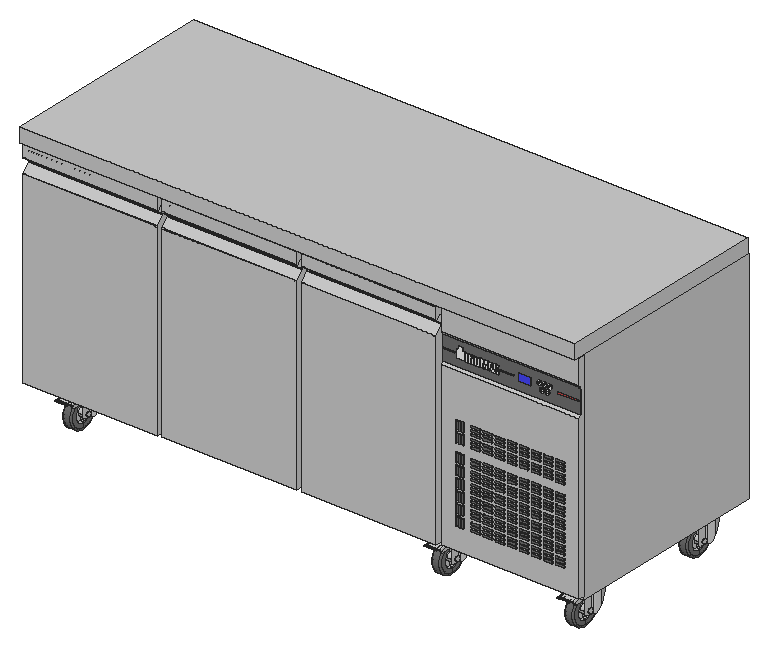
Revit family "QF_INOMAK_PNRP999_250523032323", category Specialty Equipment, Revit 2021 (continued)
Definition of nested family "QF_INOMAK_REF_COUNTERS_DOORS_DRAWERS_6956"
  Definition of nested family "3_Drawers_1-3"
    Forms (mm)
      Extrusion 5, solid, material <- "Finish", visible <- "3 Drawers"
        sketch origin (35, 0, -220.667) x (0, -1, 0) y (0, 0, 1)
          loop
            arc (690, 882.031) -> (689.866, 882.704) -> (689.485, 883.274) r 1.757
            line (689.485, 883.274) -> (666.663, 906.096)
            arc (666.663, 906.096) -> (665.976, 907.125) -> (665.734, 908.339) r 3.172
            line (665.734, 908.339) -> (665.734, 935.243)
            arc (665.734, 935.243) -> (666.433, 936.929) -> (668.119, 937.628) r 2.385
            line (668.119, 937.628) -> (680.029, 937.628) -> (686.544, 928.324)
            arc (686.544, 928.324) -> (688.671, 927.602) -> (690, 929.414) r 1.9
            line (690, 929.414) -> (690, 967.667) -> (648, 967.667) -> (648, 674) -> (690, 674)
        from 0 to -1130
      Extrusion 6, solid, material <- "Finish", visible <- "3 Drawers"
        sketch origin (35, 0, -441.333) x (0, -1, 0) y (0, 0, 1)
          loop
            line (690, 595.333) -> (690, 800.031)
            arc (690, 800.031) -> (689.866, 800.704) -> (689.485, 801.274) r 1.757
            line (689.485, 801.274) -> (666.663, 824.096)
            arc (666.663, 824.096) -> (665.976, 825.125) -> (665.734, 826.339) r 3.172
            line (665.734, 826.339) -> (665.734, 857.243)
            arc (665.734, 857.243) -> (666.433, 858.929) -> (668.119, 859.628) r 2.385
            line (668.119, 859.628) -> (680.029, 859.628) -> (686.544, 850.324)
            arc (686.544, 850.324) -> (688.671, 849.602) -> (690, 851.414) r 1.9
            line (690, 851.414) -> (690, 889.333) -> (648, 889.333) -> (648, 595.333) -> (690, 595.333)
        from 0 to -1130
    Lines and regions (mm)
      symbolic lines, visible <- "3 Drawers"
        curve 1: line (35, -850, 900) -> (35, -890, 900)
        curve 2: line (35, -890, 900) -> (1165, -890, 900)
        curve 3: line (1165, -890, 900) -> (1165, -850, 900)
        curve 4: line (1165, -850, 900) -> (35, -850, 900)
        curve 5: line (1135, -850, 900) -> (1135, -700, 900)
        curve 6: line (65, -850, 900) -> (65, -700, 900)
        curve 7: line (35, -1040, 900) -> (35, -1080, 900)
        curve 8: line (35, -1080, 900) -> (1165, -1080, 900)
        curve 9: line (1165, -1080, 900) -> (1165, -1040, 900)
        curve 10: line (1165, -1040, 900) -> (35, -1040, 900)
        curve 11: line (1135, -1040, 900) -> (1135, -890, 900)
        curve 12: line (65, -1040, 900) -> (65, -890, 900)
        curve 13: line (35, -1225, 900) -> (35, -1265, 900)
        curve 14: line (35, -1265, 900) -> (1165, -1265, 900)
        curve 15: line (1165, -1265, 900) -> (1165, -1225, 900)
        curve 16: line (1165, -1225, 900) -> (35, -1225, 900)
        curve 17: line (1135, -1225, 900) -> (1135, -1080, 900)
        curve 18: line (65, -1225, 900) -> (65, -1080, 900)
    Dimensions and locks
      "Length Actual": plane 3 "Left" to plane 4 "Right"
      "Depth Actual": plane 5 "Front" to plane 1 "Back"
      "Height Actual": plane 6 "Top" to plane 8 "Legs top"
      "Front inset": plane 7 "Front legs" to plane 5 "Front"
      "Plinth height": plane 8 "Legs top" to plane 2
      "Rear inset": plane 9 "Backsplash thickness" to plane 1 "Back"
      "Right panel thickness": plane 11 "Right panel" to plane 4 "Right"
      "Left panel thickness": plane 3 "Left" to plane 10 "Left panel"
      plane 14 to plane 15 = 4.667 mm
      equal spacing: plane 14, plane 12, plane 15
      locked: plane 16 to plane 13 at 2
      equal spacing: plane 18, plane 17, plane 19
      plane 18 to plane 19 = 5.333 mm
      "Bottom inset": plane 20 to plane 8 "Legs top"
      equal spacing: plane 21, plane 17, plane 12, plane 16
      "Top inset": plane 13 to plane 6 "Top"
      locked: plane 21 to plane 20 at 2
      aligned and locked: level to plane 2
      aligned and locked: Extrusion 1 to plane 11 "Right panel"
      aligned and locked: plane 10 "Left panel" to curve 1
      aligned and locked: plane 10 "Left panel" to curve 7
      aligned and locked: plane 10 "Left panel" to curve 13
      aligned and locked: Extrusion 2 sketch curve to plane 10 "Left panel"
      aligned and locked: plane 11 "Right panel" to Extrusion 2 sketch curve
      aligned and locked: Extrusion 3 sketch curve to plane 10 "Left panel"
      aligned and locked: plane 11 "Right panel" to Extrusion 3 sketch curve
      aligned and locked: Extrusion 4 sketch curve to plane 10 "Left panel"
      aligned and locked: plane 11 "Right panel" to Extrusion 4 sketch curve
      aligned and locked: Extrusion 2 to plane 13
      aligned and locked: Extrusion 3 to plane 15
      aligned and locked: Extrusion 4 to plane 19
      aligned and locked: Extrusion 5 to plane 11 "Right panel"
      aligned and locked: Extrusion 6 to plane 11 "Right panel"
      aligned and locked: Extrusion 1 sketch curve to plane 13
      aligned and locked: Extrusion 1 sketch curve to plane 7 "Front legs"
      aligned and locked: plane 18 to Extrusion 5 sketch curve
      aligned and locked: Extrusion 6 sketch curve to Extrusion 4  (x2)
      aligned and locked: Extrusion 5 sketch curve to plane 15
      aligned and locked: Extrusion 4 to Extrusion 5 sketch curve
      aligned and locked: Extrusion 6 sketch curve to plane 19
      aligned and locked: Extrusion 6 sketch curve to plane 20
    Automatic sketch dimensions
      Extrusion 2 sketch curve to plane 7 "Front legs" = 0 mm
      Extrusion 2 sketch curve to plane 5 "Front" = 565.045 mm
      Extrusion 3 sketch curve to plane 7 "Front legs" = 0 mm
      Extrusion 3 sketch curve to plane 5 "Front" = 565.045 mm
      Extrusion 4 sketch curve to plane 7 "Front legs" = 0 mm
      Extrusion 4 sketch curve to plane 5 "Front" = 565.045 mm
      curve 14 to plane 11 "Right panel" = 0 mm
      curve 8 to plane 11 "Right panel" = 0 mm
      curve 3 to plane 11 "Right panel" = 0 mm
      curve 6 to plane 5 "Front" = 0 mm
      curve 5 to plane 5 "Front" = 0 mm
      curve 1 to plane 5 "Front" = 150 mm
      curve 2 to curve 3 = 40 mm
      curve 10 to curve 1 = 150 mm
      curve 9 to curve 9 = 40 mm
      curve 13 to curve 7 = 145 mm
      curve 14 to curve 13 = 40 mm
      curve 3 to curve 5 = 30 mm
      curve 15 to curve 17 = 30 mm
      curve 11 to curve 17 = 0 mm
      curve 6 to plane 10 "Left panel" = 30 mm
      curve 18 to plane 10 "Left panel" = 30 mm
      curve 12 to curve 18 = 0 mm
      Extrusion 1 sketch curve to plane 14 = 0 mm
      Extrusion 1 sketch curve to plane 7 "Front legs" = 0 mm
      plane 7 "Front legs" to Extrusion 1 sketch curve = 0.515 mm
      plane 7 "Front legs" to Extrusion 1 sketch curve = 1.757 mm
      plane 7 "Front legs" to Extrusion 1 sketch curve = 1.9 mm
      Extrusion 1 sketch curve to Extrusion 1 sketch curve = 1.556 mm
      plane 7 "Front legs" to Extrusion 1 sketch curve = 9.971 mm
      plane 7 "Front legs" to Extrusion 1 sketch curve = 21.094 mm
      Extrusion 1 sketch curve to Extrusion 1 sketch curve = 11.91 mm
      Extrusion 1 sketch curve to Extrusion 1 sketch curve = 2.243 mm
      Extrusion 1 sketch curve to Extrusion 1 sketch curve = 2.385 mm
      Extrusion 1 sketch curve to Extrusion 1 sketch curve = 20.119 mm
      plane 13 to Extrusion 1 sketch curve = 85.635 mm
      Extrusion 1 sketch curve to Extrusion 1 sketch curve = 22.822 mm
      Extrusion 1 sketch curve to Extrusion 1 sketch curve = 19.985 mm
      Extrusion 1 sketch curve to Extrusion 1 sketch curve = 6.919 mm
      plane 15 to Extrusion 5 sketch curve = 59.328 mm
      Extrusion 5 sketch curve to Extrusion 5 sketch curve = 17.734 mm
      plane 15 to Extrusion 5 sketch curve = 61.571 mm
      Extrusion 5 sketch curve to Extrusion 5 sketch curve = 0.929 mm
      Extrusion 5 sketch curve to Extrusion 5 sketch curve = 2.385 mm
      Extrusion 5 sketch curve to Extrusion 5 sketch curve = 11.91 mm
      Extrusion 5 sketch curve to Extrusion 5 sketch curve = 6.515 mm
      Extrusion 5 sketch curve to Extrusion 5 sketch curve = 1.556 mm
      Extrusion 5 sketch curve to Extrusion 5 sketch curve = 21.58 mm
      plane 15 to Extrusion 5 sketch curve = 84.393 mm
      Extrusion 5 sketch curve to Extrusion 5 sketch curve = 1.242 mm
      Extrusion 5 sketch curve to Extrusion 5 sketch curve = 1.9 mm
      Extrusion 5 sketch curve to Extrusion 5 sketch curve = 0.515 mm
      Extrusion 5 sketch curve to Extrusion 5 sketch curve = 6.919 mm
      Extrusion 5 sketch curve to Extrusion 5 sketch curve = 30.039 mm
      plane 7 "Front legs" to Extrusion 6 sketch curve = 0.515 mm
      plane 7 "Front legs" to Extrusion 6 sketch curve = 1.757 mm
      plane 7 "Front legs" to Extrusion 6 sketch curve = 1.9 mm
      Extrusion 6 sketch curve to Extrusion 6 sketch curve = 1.556 mm
      plane 7 "Front legs" to Extrusion 6 sketch curve = 9.971 mm
      plane 7 "Front legs" to Extrusion 6 sketch curve = 21.094 mm
      Extrusion 6 sketch curve to Extrusion 6 sketch curve = 11.91 mm
      Extrusion 6 sketch curve to Extrusion 6 sketch curve = 2.243 mm
      Extrusion 6 sketch curve to Extrusion 6 sketch curve = 2.385 mm
      Extrusion 6 sketch curve to Extrusion 6 sketch curve = 20.119 mm
      plane 19 to Extrusion 6 sketch curve = 89.302 mm
      Extrusion 6 sketch curve to Extrusion 6 sketch curve = 22.822 mm
      Extrusion 6 sketch curve to Extrusion 6 sketch curve = 23.985 mm
      Extrusion 6 sketch curve to Extrusion 6 sketch curve = 6.919 mm
  Definition of nested family "2_Drawers_1-2"
    Parameters (values of type "2 Drawers 1-2")
      URL = "www.specifiglobal.com"
      Top inset [instance] = 4 mm
      Right panel thickness [instance] = 35 mm
      Rear inset [instance] = 10 mm
      Plinth height [instance] = 150 mm
      Model = ""
      Manufacturer = "DEMO CONSULTANT"
      Length Actual [instance] = 1200 mm
      Left panel thickness [instance] = 35 mm
      Height Actual [instance] = 900 mm
      Front inset [instance] = 10 mm
      Finish = none
      Doors drawers type [instance] = 4
      Description = ""
      Depth Actual [instance] = 700 mm
      Default Elevation = 0 mm
      Bottom inset [instance] = 4 mm
      Assembly Code = "E1090320"
      2 Drawers [instance] = Doors drawers type = 4  # yes
    Reference planes
      plane 1 "Back": y = 0
      plane 2: z = 0
      plane 3 "Left": x = 0
      plane 4 "Right": x = 1200
      plane 5 "Front": y = -700
      plane 6 "Top": z = 1050
      plane 7 "Front legs": y = -690
      plane 8 "Legs top": z = 150
      plane 9 "Backsplash thickness": y = -10
      plane 10 "Left panel": x = 35
      plane 11 "Right panel": x = 1165
      plane 12: z = 600
      plane 13: z = 1046
      plane 14: z = 602
      plane 15: z = 598
      plane 16: z = 154
    Forms (mm)
      Extrusion 1, solid, material <- "Finish", visible <- "2 Drawers"
        sketch origin (35, 0, 0) x (0, -1, 0) y (0, 0, 1)
          loop
            line (690, 602) -> (690, 960.365)
            arc (690, 960.365) -> (689.866, 961.037) -> (689.485, 961.607) r 1.757
            line (689.485, 961.607) -> (666.663, 984.429)
            arc (666.663, 984.429) -> (665.976, 985.458) -> (665.734, 986.672) r 3.172
            line (665.734, 986.672) -> (665.734, 1013.576)
            arc (665.734, 1013.576) -> (666.433, 1015.262) -> (668.119, 1015.961) r 2.385
            line (668.119, 1015.961) -> (680.029, 1015.961) -> (686.544, 1006.657)
            arc (686.544, 1006.657) -> (688.671, 1005.935) -> (690, 1007.747) r 1.9
            line (690, 1007.747) -> (690, 1046) -> (648, 1046) -> (648, 602) -> (690, 602)
        from 0 to -1130
      Extrusion 2, solid, visible <- "2 Drawers", detail levels coarse
        sketch origin (0, -640.463, 602) x (0, 1, 0) y (-1, 0, 0)
          loop
            line (-49.537, -35) -> (-624.537, -35) -> (-624.537, -1165) -> (-49.537, -1165) -> (-49.537, -35)
        from 0 to 444
      Extrusion 3, solid, visible <- "2 Drawers", detail levels coarse
        sketch origin (0, -700, 154) x (-1, 0, 0) y (0, 1, 0)
          loop
            line (-35, 10) -> (-1165, 10) -> (-1165, -565) -> (-35, -565) -> (-35, 10)
        from 0 to -444
      Extrusion 4, solid, material <- "Finish", visible <- "2 Drawers"
        sketch origin (35, 0, -441.333) x (0, -1, 0) y (0, 0, 1)
          loop
            line (690, 595.333) -> (690, 953.698)
            arc (690, 953.698) -> (689.866, 954.37) -> (689.485, 954.94) r 1.757
            line (689.485, 954.94) -> (666.663, 977.763)
            arc (666.663, 977.763) -> (665.976, 978.792) -> (665.734, 980.006) r 3.172
            line (665.734, 980.006) -> (665.734, 1006.909)
            arc (665.734, 1006.909) -> (666.433, 1008.596) -> (668.119, 1009.294) r 2.385
            line (668.119, 1009.294) -> (680.029, 1009.294) -> (686.544, 999.991)
            arc (686.544, 999.991) -> (688.671, 999.268) -> (690, 1001.08) r 1.9
            line (690, 1001.08) -> (690, 1039.333) -> (648, 1039.333) -> (648, 595.333) -> (690, 595.333)
        from 0 to -1130
    Lines and regions (mm)
      symbolic lines, visible <- "2 Drawers"
        curve 1: line (35, -940, 900) -> (35, -980, 900)
        curve 2: line (35, -980, 900) -> (1165, -980, 900)
        curve 3: line (1165, -980, 900) -> (1165, -940, 900)
        curve 4: line (1165, -940, 900) -> (35, -940, 900)
        curve 5: line (1135, -940, 900) -> (1135, -700, 900)
        curve 6: line (65, -940, 900) -> (65, -700, 900)
        curve 7: line (35, -1225, 900) -> (35, -1265, 900)
        curve 8: line (35, -1265, 900) -> (1165, -1265, 900)
        curve 9: line (1165, -1265, 900) -> (1165, -1225, 900)
        curve 10: line (1165, -1225, 900) -> (35, -1225, 900)
        curve 11: line (1135, -1225, 900) -> (1135, -980, 900)
        curve 12: line (65, -1225, 900) -> (65, -980, 900)
    Dimensions and locks
      "Length Actual": plane 3 "Left" to plane 4 "Right"
      "Depth Actual": plane 5 "Front" to plane 1 "Back"
      "Height Actual": plane 6 "Top" to plane 8 "Legs top"
      "Front inset": plane 7 "Front legs" to plane 5 "Front"
      "Plinth height": plane 8 "Legs top" to plane 2
      "Rear inset": plane 9 "Backsplash thickness" to plane 1 "Back"
      "Right panel thickness": plane 11 "Right panel" to plane 4 "Right"
      "Left panel thickness": plane 3 "Left" to plane 10 "Left panel"
      "Top inset": plane 6 "Top" to plane 13
      "Bottom inset": plane 16 to plane 8 "Legs top"
      equal spacing: plane 16, plane 12, plane 13
      locked: plane 14 to plane 12 at 2
      locked: plane 15 to plane 12 at 2
      aligned and locked: level to plane 2
      aligned and locked: Extrusion 1 to plane 11 "Right panel"
      aligned and locked: plane 10 "Left panel" to curve 1
      aligned and locked: plane 10 "Left panel" to curve 7
      aligned and locked: Extrusion 2 sketch curve to plane 10 "Left panel"
      aligned and locked: plane 11 "Right panel" to Extrusion 2 sketch curve
      aligned and locked: Extrusion 3 sketch curve to plane 10 "Left panel"
      aligned and locked: plane 11 "Right panel" to Extrusion 3 sketch curve
      aligned and locked: Extrusion 2 to plane 13
      aligned and locked: Extrusion 4 to plane 11 "Right panel"
      aligned and locked: Extrusion 3 to plane 15
      aligned and locked: Extrusion 1 sketch curve to plane 13
      aligned and locked: Extrusion 1 sketch curve to plane 7 "Front legs"
      aligned and locked: plane 14 to Extrusion 1 sketch curve
      aligned and locked: Extrusion 4 sketch curve to plane 15
      aligned and locked: Extrusion 4 sketch curve to plane 7 "Front legs"
      aligned and locked: Extrusion 4 sketch curve to plane 16
    Automatic sketch dimensions
      Extrusion 2 sketch curve to plane 7 "Front legs" = 0 mm
      Extrusion 2 sketch curve to plane 5 "Front" = 565 mm
      Extrusion 3 sketch curve to plane 7 "Front legs" = 0 mm
      Extrusion 3 sketch curve to plane 5 "Front" = 565 mm
      curve 9 to plane 11 "Right panel" = 0 mm
      curve 2 to plane 11 "Right panel" = 0 mm
      curve 5 to plane 5 "Front" = 0 mm
      curve 6 to plane 5 "Front" = 0 mm
      curve 1 to plane 5 "Front" = 240 mm
      curve 3 to curve 3 = 40 mm
      curve 7 to curve 1 = 245 mm
      curve 8 to curve 9 = 40 mm
      plane 11 "Right panel" to curve 5 = 30 mm
      curve 2 to curve 11 = 30 mm
      curve 6 to plane 10 "Left panel" = 30 mm
      curve 12 to plane 10 "Left panel" = 30 mm
      Extrusion 1 sketch curve to Extrusion 1 sketch curve = 17.734 mm
      Extrusion 1 sketch curve to Extrusion 1 sketch curve = 0.929 mm
      Extrusion 1 sketch curve to Extrusion 1 sketch curve = 2.385 mm
      Extrusion 1 sketch curve to Extrusion 1 sketch curve = 3.172 mm
      Extrusion 1 sketch curve to Extrusion 1 sketch curve = 11.91 mm
      Extrusion 1 sketch curve to Extrusion 1 sketch curve = 6.515 mm
      Extrusion 1 sketch curve to Extrusion 1 sketch curve = 1.556 mm
      Extrusion 1 sketch curve to Extrusion 1 sketch curve = 21.58 mm
      Extrusion 1 sketch curve to Extrusion 1 sketch curve = 1.242 mm
      Extrusion 1 sketch curve to Extrusion 1 sketch curve = 1.9 mm
      Extrusion 1 sketch curve to Extrusion 1 sketch curve = 0.515 mm
      Extrusion 1 sketch curve to Extrusion 1 sketch curve = 22.822 mm
      Extrusion 1 sketch curve to Extrusion 1 sketch curve = 19.985 mm
      Extrusion 1 sketch curve to Extrusion 1 sketch curve = 6.919 mm
      Extrusion 1 sketch curve to Extrusion 1 sketch curve = 30.039 mm
      Extrusion 4 sketch curve to plane 7 "Front legs" = 0 mm
      plane 7 "Front legs" to Extrusion 4 sketch curve = 0.515 mm
      plane 7 "Front legs" to Extrusion 4 sketch curve = 1.757 mm
      plane 7 "Front legs" to Extrusion 4 sketch curve = 1.9 mm
      Extrusion 4 sketch curve to Extrusion 4 sketch curve = 1.556 mm
      plane 7 "Front legs" to Extrusion 4 sketch curve = 9.971 mm
      plane 7 "Front legs" to Extrusion 4 sketch curve = 21.094 mm
      Extrusion 4 sketch curve to Extrusion 4 sketch curve = 11.91 mm
      Extrusion 4 sketch curve to Extrusion 4 sketch curve = 2.243 mm
      Extrusion 4 sketch curve to Extrusion 4 sketch curve = 2.385 mm
      Extrusion 4 sketch curve to Extrusion 4 sketch curve = 20.119 mm
      Extrusion 4 sketch curve to Extrusion 4 sketch curve = 22.822 mm
      Extrusion 4 sketch curve to Extrusion 4 sketch curve = 19.985 mm
      Extrusion 4 sketch curve to Extrusion 4 sketch curve = 6.919 mm
      Extrusion 4 sketch curve to Extrusion 4 sketch curve = 30.039 mm
  Definition of nested family "2_Drawers_1-3_2-3"
    Parameters (values of type "2 Drawers 1-3 and 2-3")
      URL = "www.specifiglobal.com"
      Top inset [instance] = 4 mm
      Right panel thickness [instance] = 35 mm
      Rear inset [instance] = 10 mm
      Plinth height [instance] = 150 mm
      Model = ""
      Manufacturer = "DEMO CONSULTANT"
      Length Actual [instance] = 1200 mm
      Left panel thickness [instance] = 35 mm
      Height Actual [instance] = 900 mm
      Front inset [instance] = 10 mm
      Finish = none
      Doors drawers type [instance] = 5
      Description = ""
      Depth Actual [instance] = 700 mm
      Default Elevation = 0 mm
      Bottom inset [instance] = 4 mm
      Assembly Code = "E1090320"
      2 Drawers 1-3 and 2-3 [instance] = Doors drawers type = 5  # yes
    Reference planes
      plane 1 "Back": y = 0
      plane 2: z = 0
      plane 3 "Left": x = 0
      plane 4 "Right": x = 1200
      plane 5 "Front": y = -700
      plane 6 "Top": z = 1050
      plane 7 "Front legs": y = -690
      plane 8 "Legs top": z = 150
      plane 9 "Backsplash thickness": y = -10
      plane 10 "Left panel": x = 35
      plane 11 "Right panel": x = 1165
      plane 12: z = 1046
      plane 13: z = 751.833
      plane 14: z = 746.833
      plane 15: z = 154
      plane 16: z = 450.667
      plane 17: z = 152
      plane 18: z = 1048
      plane 19: z = 749.333
    Forms (mm)
      Extrusion 1, solid, material <- "Finish", visible <- "2 Drawers 1-3 and 2-3"
        sketch origin (35, 0, 0) x (0, -1, 0) y (0, 0, 1)
          loop
            line (690, 751.833) -> (690, 960.365)
            arc (690, 960.365) -> (689.866, 961.037) -> (689.485, 961.607) r 1.757
            line (689.485, 961.607) -> (666.663, 984.429)
            arc (666.663, 984.429) -> (665.976, 985.458) -> (665.734, 986.672) r 3.172
            line (665.734, 986.672) -> (665.734, 1013.576)
            arc (665.734, 1013.576) -> (666.433, 1015.262) -> (668.119, 1015.961) r 2.385
            line (668.119, 1015.961) -> (680.029, 1015.961) -> (686.544, 1006.657)
            arc (686.544, 1006.657) -> (688.671, 1005.935) -> (690, 1007.747) r 1.9
            line (690, 1007.747) -> (690, 1046) -> (648, 1046) -> (648, 751.833) -> (690, 751.833)
        from 0 to -1130
      Extrusion 2, solid, visible <- "2 Drawers 1-3 and 2-3", detail levels coarse
        sketch origin (0, -640.463, 751.833) x (0, 1, 0) y (-1, 0, 0)
          loop
            line (-49.537, -35) -> (-624.537, -35) -> (-624.537, -1165) -> (-49.537, -1165) -> (-49.537, -35)
        from 0 to 294.167
      Extrusion 3, solid, visible <- "2 Drawers 1-3 and 2-3", detail levels coarse
        sketch origin (0, -700, 154) x (-1, 0, 0) y (0, 1, 0)
          loop
            line (-35, 10) -> (-1165, 10) -> (-1165, -565) -> (-35, -565) -> (-35, 10)
        from 0 to -592.833
      Extrusion 4, solid, material <- "Finish", visible <- "2 Drawers 1-3 and 2-3"
        sketch origin (35, 0, -441.333) x (0, -1, 0) y (0, 0, 1)
          loop
            line (690, 595.333) -> (690, 1101.698)
            arc (690, 1101.698) -> (689.866, 1102.37) -> (689.485, 1102.94) r 1.757
            line (689.485, 1102.94) -> (666.663, 1126.596)
            arc (666.663, 1126.596) -> (665.976, 1127.625) -> (665.734, 1128.839) r 3.172
            line (665.734, 1128.839) -> (665.734, 1155.743)
            arc (665.734, 1155.743) -> (666.433, 1157.429) -> (668.119, 1158.128) r 2.385
            line (668.119, 1158.128) -> (680.029, 1158.128) -> (686.544, 1148.824)
            arc (686.544, 1148.824) -> (688.671, 1148.102) -> (690, 1149.914) r 1.9
            line (690, 1149.914) -> (690, 1188.167) -> (648, 1188.167) -> (648, 595.333) -> (690, 595.333)
        from 0 to -1130
    Lines and regions (mm)
      symbolic lines, visible <- "2 Drawers 1-3 and 2-3"
        curve 1: line (35, -1000, 900) -> (35, -1040, 900)
        curve 2: line (35, -1040, 900) -> (1165, -1040, 900)
        curve 3: line (1165, -1040, 900) -> (1165, -1000, 900)
        curve 4: line (1165, -1000, 900) -> (35, -1000, 900)
        curve 5: line (1135, -1000, 900) -> (1135, -700, 900)
        curve 6: line (65, -1000, 900) -> (65, -700, 900)
        curve 7: line (35, -1225, 900) -> (35, -1265, 900)
        curve 8: line (35, -1265, 900) -> (1165, -1265, 900)
        curve 9: line (1165, -1265, 900) -> (1165, -1225, 900)
        curve 10: line (1165, -1225, 900) -> (35, -1225, 900)
        curve 11: line (1135, -1225, 900) -> (1135, -1040, 900)
        curve 12: line (65, -1225, 900) -> (65, -1040, 900)
    Dimensions and locks
      "Length Actual": plane 3 "Left" to plane 4 "Right"
      "Depth Actual": plane 5 "Front" to plane 1 "Back"
      "Height Actual": plane 6 "Top" to plane 8 "Legs top"
      "Front inset": plane 7 "Front legs" to plane 5 "Front"
      "Plinth height": plane 8 "Legs top" to plane 2
      "Rear inset": plane 9 "Backsplash thickness" to plane 1 "Back"
      "Right panel thickness": plane 11 "Right panel" to plane 4 "Right"
      "Left panel thickness": plane 3 "Left" to plane 10 "Left panel"
      "Top inset": plane 6 "Top" to plane 12
      locked: plane 13 to plane 14 at 5
      "Bottom inset": plane 15 to plane 8 "Legs top"
      equal spacing: plane 17, plane 16, plane 19, plane 18
      equal spacing: plane 12, plane 18, plane 6 "Top"
      equal spacing: plane 14, plane 19, plane 13
      equal spacing: plane 15, plane 17, plane 8 "Legs top"
      aligned and locked: level to plane 2
      aligned and locked: Extrusion 1 to plane 11 "Right panel"
      aligned and locked: plane 10 "Left panel" to curve 1
      aligned and locked: plane 10 "Left panel" to curve 7
      aligned and locked: Extrusion 2 sketch curve to plane 10 "Left panel"
      aligned and locked: plane 11 "Right panel" to Extrusion 2 sketch curve
      aligned and locked: Extrusion 3 sketch curve to plane 10 "Left panel"
      aligned and locked: plane 11 "Right panel" to Extrusion 3 sketch curve
      aligned and locked: Extrusion 2 to plane 12
      aligned and locked: Extrusion 4 to plane 11 "Right panel"
      aligned and locked: Extrusion 3 to plane 14
      aligned and locked: plane 13 to Extrusion 1 sketch curve
      aligned and locked: Extrusion 2 to Extrusion 1 sketch curve
      aligned and locked: Extrusion 3 to Extrusion 4 sketch curve
      aligned and locked: Extrusion 4 sketch curve to Extrusion 3  (x2)
      aligned and locked: Extrusion 1 sketch curve to plane 7 "Front legs"
    Automatic sketch dimensions
      Extrusion 2 sketch curve to plane 7 "Front legs" = 0 mm
      Extrusion 2 sketch curve to plane 5 "Front" = 565 mm
      Extrusion 3 sketch curve to plane 7 "Front legs" = 0 mm
      Extrusion 3 sketch curve to plane 5 "Front" = 565 mm
      curve 9 to plane 11 "Right panel" = 0 mm
      curve 2 to plane 11 "Right panel" = 0 mm
      curve 5 to plane 5 "Front" = 0 mm
      curve 6 to plane 5 "Front" = 0 mm
      curve 1 to plane 5 "Front" = 300 mm
      curve 3 to curve 3 = 40 mm
      curve 7 to curve 1 = 185 mm
      curve 8 to curve 9 = 40 mm
      plane 11 "Right panel" to curve 5 = 30 mm
      curve 11 to curve 5 = 0 mm
      curve 6 to plane 10 "Left panel" = 30 mm
      curve 12 to curve 6 = 0 mm
      Extrusion 1 sketch curve to plane 7 "Front legs" = 0 mm
      plane 7 "Front legs" to Extrusion 1 sketch curve = 0.515 mm
      plane 7 "Front legs" to Extrusion 1 sketch curve = 1.757 mm
      plane 7 "Front legs" to Extrusion 1 sketch curve = 1.9 mm
      Extrusion 1 sketch curve to Extrusion 1 sketch curve = 1.556 mm
      plane 7 "Front legs" to Extrusion 1 sketch curve = 9.971 mm
      plane 7 "Front legs" to Extrusion 1 sketch curve = 21.094 mm
      Extrusion 1 sketch curve to Extrusion 1 sketch curve = 11.91 mm
      Extrusion 1 sketch curve to Extrusion 1 sketch curve = 2.243 mm
      Extrusion 1 sketch curve to Extrusion 1 sketch curve = 2.385 mm
      Extrusion 1 sketch curve to Extrusion 1 sketch curve = 20.119 mm
      plane 12 to Extrusion 1 sketch curve = 85.635 mm
      Extrusion 1 sketch curve to Extrusion 1 sketch curve = 22.822 mm
      Extrusion 1 sketch curve to Extrusion 1 sketch curve = 19.985 mm
      Extrusion 1 sketch curve to Extrusion 1 sketch curve = 6.919 mm
      plane 12 to Extrusion 1 sketch curve = 0 mm
      Extrusion 4 sketch curve to plane 7 "Front legs" = 0 mm
      plane 7 "Front legs" to Extrusion 4 sketch curve = 0.515 mm
      plane 7 "Front legs" to Extrusion 4 sketch curve = 1.9 mm
      Extrusion 4 sketch curve to Extrusion 4 sketch curve = 1.556 mm
      plane 7 "Front legs" to Extrusion 4 sketch curve = 9.971 mm
      plane 7 "Front legs" to Extrusion 4 sketch curve = 21.094 mm
      Extrusion 4 sketch curve to Extrusion 4 sketch curve = 11.91 mm
      Extrusion 4 sketch curve to Extrusion 4 sketch curve = 2.243 mm
      Extrusion 4 sketch curve to Extrusion 4 sketch curve = 2.385 mm
      Extrusion 4 sketch curve to Extrusion 4 sketch curve = 20.119 mm
      Extrusion 4 sketch curve to Extrusion 4 sketch curve = 86.469 mm
      Extrusion 4 sketch curve to Extrusion 4 sketch curve = 23.656 mm
      Extrusion 4 sketch curve to Extrusion 4 sketch curve = 19.985 mm
      Extrusion 4 sketch curve to Extrusion 4 sketch curve = 6.919 mm
      plane 7 "Front legs" to Extrusion 4 sketch curve = 1.757 mm
  Definition of nested family "Sliding_Doors"
    Parameters (values of type "Sliding doors")
      URL = "www.specifiglobal.com"
      Top inset [instance] = 4 mm
      Sliding doors [instance] = Doors drawers type = 2  # yes
      Right panel thickness [instance] = 35 mm
      Rear inset [instance] = 10 mm
      Plinth height [instance] = 150 mm
      Model = ""
      Manufacturer = "DEMO CONSULTANT"
      Length Actual [instance] = 1200 mm
      Left panel thickness [instance] = 35 mm
      Height Actual [instance] = 900 mm
      Front inset [instance] = 10 mm
      Finish [instance] = none
      Doors drawers type [instance] = 2
      Description = ""
      Depth Actual [instance] = 700 mm
      Default Elevation = 0 mm
      Bottom inset [instance] = 4 mm
      Assembly Code = "E1090320"
    Reference planes
      plane 1 "Back": y = 0
      plane 2: z = 0
      plane 3 "Left": x = 0
      plane 4 "Right": x = 1200
      plane 5 "Front": y = -700
      plane 6 "Top": z = 1050
      plane 7 "Front legs": y = -690
      plane 8 "Legs top": z = 150
      plane 9 "Backsplash thickness": y = -10
      plane 10: x = 35
      plane 11: x = 1165
      plane 12 "Center Left-Right": x = 600
      plane 13: z = 154
      plane 14: z = 1046
    Forms (mm)
      Extrusion 1, solid, material <- "Finish", visible <- "Sliding doors"
        sketch origin (0, -690, 154) x (-1, 0, 0) y (0, 1, 0)
          loop
            line (-35, 10) -> (-35, 20) -> (-620, 20) -> (-620, 0) -> (-91.156, 0)
            arc (-91.156, 0) -> (-85.272, 0.885) -> (-79.91, 3.461) r 20
            line (-79.91, 3.461) -> (-60, 17) -> (-38, 17) -> (-38, 10)
            arc (-38, 10) -> (-40.05, 5.05) -> (-45, 3) r 7
            line (-45, 3) -> (-50.012, 3) -> (-50.012, 0) -> (-45, 0)
            arc (-45, 0) -> (-37.929, 2.929) -> (-35, 10) r 10
        from 0 to -892
      Extrusion 2, solid, material <- "Finish", visible <- "Sliding doors"
        sketch origin (0, -689, 154) x (-1, 0, 0) y (0, 1, 0)
          loop
            arc (-1065, 30) -> (-1062.071, 22.929) -> (-1055, 20) r 10
            line (-1055, 20) -> (-1049.988, 20) -> (-1049.988, 23) -> (-1055, 23)
            arc (-1055, 23) -> (-1059.95, 25.05) -> (-1062, 30) r 7
            line (-1062, 30) -> (-1062, 37) -> (-1040, 37) -> (-1020.09, 23.461)
            arc (-1020.09, 23.461) -> (-1014.728, 20.885) -> (-1008.844, 20) r 20
            line (-1008.844, 20) -> (-480, 20) -> (-480, 40) -> (-1065, 40) -> (-1065, 30)
        from 0 to -892
    Lines and regions (mm)
      symbolic lines, visible <- "Sliding doors"
        curve 1: line (1065, -649, 150) -> (480, -649, 150)
        curve 2: line (1065, -669, 150) -> (1065, -649, 150)
        curve 3: line (480, -669, 150) -> (1065, -669, 150)
        curve 4: line (480, -649, 150) -> (480, -669, 150)
        curve 5: line (620, -690, 150) -> (35, -690, 150)
        curve 6: line (620, -670, 150) -> (620, -690, 150)
        curve 7: line (35, -670, 150) -> (620, -670, 150)
        curve 8: line (35, -690, 150) -> (35, -670, 150)
    Dimensions and locks
      "Length Actual": plane 3 "Left" to plane 4 "Right"
      "Depth Actual": plane 5 "Front" to plane 1 "Back"
      "Height Actual": plane 6 "Top" to plane 8 "Legs top"
      "Front inset": plane 7 "Front legs" to plane 5 "Front"
      "Plinth height": plane 8 "Legs top" to plane 2
      "Rear inset": plane 9 "Backsplash thickness" to plane 1 "Back"
      "Right panel thickness": plane 11 to plane 4 "Right"
      "Left panel thickness": plane 3 "Left" to plane 10
      equal spacing: plane 10, plane 12 "Center Left-Right", plane 11
      "Top inset": plane 6 "Top" to plane 14
      "Bottom inset": plane 13 to plane 8 "Legs top"
      locked: plane 12 "Center Left-Right" to curve 4 at 120
      locked: plane 12 "Center Left-Right" to curve 5 at 20
      locked: plane 11 to curve 1 at 100
      aligned and locked: level to plane 2
      aligned and locked: Extrusion 1 sketch curve to plane 7 "Front legs"
      aligned and locked: Extrusion 1 sketch curve to plane 10
      aligned and locked: Extrusion 1 to plane 14
      aligned and locked: Extrusion 2 to plane 14
      aligned and locked: curve 8 to plane 10
    Automatic sketch dimensions
      Extrusion 2 sketch curve to Extrusion 2 sketch curve = 0 mm  (x2)
      plane 11 to Extrusion 2 sketch curve = 100 mm
      Extrusion 2 sketch curve to Extrusion 2 sketch curve = 3 mm
      Extrusion 2 sketch curve to Extrusion 2 sketch curve = 7 mm  (x2)
      Extrusion 2 sketch curve to Extrusion 2 sketch curve = 5.012 mm
      plane 7 "Front legs" to Extrusion 2 sketch curve = 38 mm
      Extrusion 2 sketch curve to Extrusion 2 sketch curve = 15 mm
      plane 7 "Front legs" to Extrusion 2 sketch curve = 24.461 mm
      Extrusion 2 sketch curve to Extrusion 2 sketch curve = 19.91 mm
      Extrusion 2 sketch curve to Extrusion 2 sketch curve = 11.246 mm
      Extrusion 2 sketch curve to plane 12 "Center Left-Right" = 120 mm
      Extrusion 2 sketch curve to Extrusion 2 sketch curve = 16.539 mm
      Extrusion 2 sketch curve to Extrusion 2 sketch curve = 20 mm
      Extrusion 1 sketch curve to Extrusion 1 sketch curve = 0 mm  (x2)
      Extrusion 1 sketch curve to plane 7 "Front legs" = 0 mm
      Extrusion 1 sketch curve to plane 10 = 3 mm
      Extrusion 1 sketch curve to Extrusion 1 sketch curve = 7 mm
      Extrusion 1 sketch curve to Extrusion 1 sketch curve = 5.012 mm
      Extrusion 1 sketch curve to Extrusion 1 sketch curve = 15 mm
      plane 7 "Front legs" to Extrusion 1 sketch curve = 3.461 mm
      Extrusion 1 sketch curve to Extrusion 1 sketch curve = 19.91 mm
      Extrusion 1 sketch curve to Extrusion 1 sketch curve = 11.246 mm
      plane 12 "Center Left-Right" to Extrusion 1 sketch curve = 20 mm
      Extrusion 1 sketch curve to Extrusion 1 sketch curve = 20 mm
      Extrusion 1 sketch curve to Extrusion 1 sketch curve = 3 mm
      curve 8 to plane 7 "Front legs" = 0 mm
      curve 5 to curve 6 = 20 mm
      plane 7 "Front legs" to curve 2 = 21 mm
      curve 2 to curve 2 = 20 mm
  Definition of nested family "4_Drawers_1-4"
    Parameters (values of type "4 Drawers 1-4")
      URL = "www.specifiglobal.com"
      Top inset [instance] = 4 mm
      Right panel thickness [instance] = 35 mm
      Rear inset [instance] = 10 mm
      Plinth height [instance] = 150 mm
      Model = ""
      Manufacturer = "DEMO CONSULTANT"
      Length Actual [instance] = 1200 mm
      Left panel thickness [instance] = 35 mm
      Height Actual [instance] = 900 mm
      Front inset [instance] = 10 mm
      Finish [instance] = none
      Doors drawers type [instance] = 7
      Description = ""
      Depth Actual [instance] = 700 mm
      Default Elevation = 0 mm
      Bottom inset [instance] = 4 mm
      Assembly Code = "E1090320"
      4 Drawers [instance] = Doors drawers type = 7  # yes
    Reference planes
      plane 1 "Back": y = 0
      plane 2: z = 0
      plane 3 "Left": x = 0
      plane 4 "Right": x = 1200
      plane 5 "Front": y = -700
      plane 6 "Top": z = 1050
      plane 7 "Front legs": y = -690
      plane 8 "Legs top": z = 150
      plane 9 "Backsplash thickness": y = -10
      plane 10 "Left panel": x = 35
      plane 11 "Right panel": x = 1165
      plane 12: z = 824.25
      plane 13: z = 1046
      plane 14: z = 826.083
      plane 15: z = 822.417
      plane 16: z = 1048.5
      plane 17: z = 375.75
      plane 18: z = 377.917
      plane 19: z = 373.583
      plane 20: z = 154
      plane 21: z = 151.5
      plane 22: z = 600
      plane 23: z = 601.833
      plane 24: z = 598.167
    Forms (mm)
      Extrusion 1, solid, material <- "Finish", visible <- "4 Drawers"
        sketch origin (35, 0, -1) x (0, -1, 0) y (0, 0, 1)
          loop
            line (680, 1047) -> (670, 1047) -> (670, 827.083) -> (690, 827.083) -> (690, 990.844)
            arc (690, 990.844) -> (689.115, 996.728) -> (686.539, 1002.09) r 20
            line (686.539, 1002.09) -> (673, 1022) -> (673, 1044) -> (680, 1044)
            arc (680, 1044) -> (684.95, 1041.95) -> (687, 1037) r 7
            line (687, 1037) -> (687, 1031.988) -> (690, 1031.988) -> (690, 1037)
            arc (690, 1037) -> (687.071, 1044.071) -> (680, 1047) r 10
        from 0 to -1130
      Extrusion 2, solid, visible <- "4 Drawers", detail levels coarse
        sketch origin (0, -640.463, 826.083) x (0, 1, 0) y (-1, 0, 0)
          loop
            line (-49.537, -35) -> (-624.537, -35) -> (-624.537, -1165) -> (-49.537, -1165) -> (-49.537, -35)
        from 0 to 219.917
      Extrusion 3, solid, visible <- "4 Drawers", detail levels coarse
        sketch origin (0, -700, 154) x (-1, 0, 0) y (0, 1, 0)
          loop
            line (-35, 10) -> (-1165, 10) -> (-1165, -565) -> (-35, -565) -> (-35, 10)
        from 0 to -219.583
      Extrusion 4, solid, material <- "Finish", visible <- "4 Drawers"
        sketch origin (35, 0, -440.333) x (0, -1, 0) y (0, 0, 1)
          loop
            line (680, 813.917) -> (670, 813.917) -> (670, 594.333) -> (690, 594.333) -> (690, 757.761)
            arc (690, 757.761) -> (689.115, 763.644) -> (686.539, 769.007) r 20
            line (686.539, 769.007) -> (673, 788.917) -> (673, 810.917) -> (680, 810.917)
            arc (680, 810.917) -> (684.95, 808.866) -> (687, 803.917) r 7
            line (687, 803.917) -> (687, 798.904) -> (690, 798.904) -> (690, 803.917)
            arc (690, 803.917) -> (687.071, 810.988) -> (680, 813.917) r 10
        from 0 to -1130
      Extrusion 5, solid, material <- "Finish", visible <- "4 Drawers"
        sketch origin (35, 0, -165.333) x (0, -1, 0) y (0, 0, 1)
          loop
            line (680, 987.75) -> (670, 987.75) -> (670, 767.167) -> (690, 767.167) -> (690, 931.594)
            arc (690, 931.594) -> (689.115, 937.478) -> (686.539, 942.84) r 20
            line (686.539, 942.84) -> (673, 962.75) -> (673, 984.75) -> (680, 984.75)
            arc (680, 984.75) -> (684.95, 982.7) -> (687, 977.75) r 7
            line (687, 977.75) -> (687, 972.738) -> (690, 972.738) -> (690, 977.75)
            arc (690, 977.75) -> (687.071, 984.821) -> (680, 987.75) r 10
        from 0 to -1130
      Extrusion 6, solid, material <- "Finish", visible <- "4 Drawers"
        sketch origin (35, 0, -330.333) x (0, -1, 0) y (0, 0, 1)
          loop
            line (680, 928.5) -> (670, 928.5) -> (670, 708.25) -> (690, 708.25) -> (690, 872.344)
            arc (690, 872.344) -> (689.115, 878.228) -> (686.539, 883.59) r 20
            line (686.539, 883.59) -> (673, 903.5) -> (673, 925.5) -> (680, 925.5)
            arc (680, 925.5) -> (684.95, 923.45) -> (687, 918.5) r 7
            line (687, 918.5) -> (687, 913.488) -> (690, 913.488) -> (690, 918.5)
            arc (690, 918.5) -> (687.071, 925.571) -> (680, 928.5) r 10
        from 0 to -1130
      Extrusion 7, solid, visible <- "4 Drawers", detail levels coarse
        sketch origin (0, -500.463, 601.833) x (0, 1, 0) y (-1, 0, 0)
          loop
            line (-189.537, -35) -> (-764.537, -35) -> (-764.537, -1165) -> (-189.537, -1165) -> (-189.537, -35)
        from 0 to 220.583
      Extrusion 8, solid, visible <- "4 Drawers", detail levels coarse
        sketch origin (0, -540.463, 377.917) x (0, 1, 0) y (-1, 0, 0)
          loop
            line (-149.537, -35) -> (-724.537, -35) -> (-724.537, -1165) -> (-149.537, -1165) -> (-149.537, -35)
        from 0 to 220.25
    Lines and regions (mm)
      symbolic lines, visible <- "4 Drawers"
        curve 1: line (35, -945, 900) -> (35, -985, 900)
        curve 2: line (35, -985, 900) -> (1165, -985, 900)
        curve 3: line (1165, -985, 900) -> (1165, -945, 900)
        curve 4: line (1165, -945, 900) -> (35, -945, 900)
        curve 5: line (1135, -945, 900) -> (1135, -845, 900)
        curve 6: line (65, -945, 900) -> (65, -845, 900)
        curve 7: line (35, -1085, 900) -> (35, -1125, 900)
        curve 8: line (35, -1125, 900) -> (1165, -1125, 900)
        curve 9: line (1165, -1125, 900) -> (1165, -1085, 900)
        curve 10: line (1165, -1085, 900) -> (35, -1085, 900)
        curve 11: line (1135, -1085, 900) -> (1135, -985, 900)
        curve 12: line (65, -1085, 900) -> (65, -985, 900)
        curve 13: line (35, -1225, 900) -> (35, -1265, 900)
        curve 14: line (35, -1265, 900) -> (1165, -1265, 900)
        curve 15: line (1165, -1265, 900) -> (1165, -1225, 900)
        curve 16: line (1165, -1225, 900) -> (35, -1225, 900)
        curve 17: line (1135, -1225, 900) -> (1135, -1125, 900)
        curve 18: line (65, -1225, 900) -> (65, -1125, 900)
        curve 19: line (35, -805, 900) -> (35, -845, 900)
        curve 20: line (35, -845, 900) -> (1165, -845, 900)
        curve 21: line (1165, -845, 900) -> (1165, -805, 900)
        curve 22: line (1165, -805, 900) -> (35, -805, 900)
        curve 23: line (65, -805, 900) -> (65, -700, 900)
        curve 24: line (1135, -805, 900) -> (1135, -700, 900)
    Dimensions and locks
      "Length Actual": plane 3 "Left" to plane 4 "Right"
      "Depth Actual": plane 5 "Front" to plane 1 "Back"
      "Height Actual": plane 6 "Top" to plane 8 "Legs top"
      "Front inset": plane 7 "Front legs" to plane 5 "Front"
      "Plinth height": plane 8 "Legs top" to plane 2
      "Rear inset": plane 9 "Backsplash thickness" to plane 1 "Back"
      "Right panel thickness": plane 11 "Right panel" to plane 4 "Right"
      "Left panel thickness": plane 3 "Left" to plane 10 "Left panel"
      locked: plane 14 to plane 15 at 3.667
      equal spacing: plane 14, plane 12, plane 15
      locked: plane 23 to plane 24 at 3.667
      equal spacing: plane 23, plane 22, plane 24
      "Bottom inset": plane 20 to plane 8 "Legs top"
      equal spacing: plane 19, plane 17, plane 18
      locked: plane 19 to plane 18 at 4.333
      equal spacing: plane 21, plane 17, plane 22, plane 12, plane 16
      locked: plane 13 to plane 16 at 2.5
      "Top inset": plane 13 to plane 6 "Top"
      locked: plane 21 to plane 20 at 2.5
      aligned and locked: level to plane 2
      aligned and locked: plane 7 "Front legs" to Extrusion 1 sketch curve  (x2)
      aligned and locked: Extrusion 1 to plane 11 "Right panel"
      aligned and locked: Extrusion 1 sketch curve to plane 13
      aligned and locked: Extrusion 1 sketch curve to plane 14
      aligned and locked: plane 10 "Left panel" to curve 1
      aligned and locked: plane 10 "Left panel" to curve 7
      aligned and locked: plane 10 "Left panel" to curve 13
      aligned and locked: Extrusion 2 sketch curve to plane 10 "Left panel"
      aligned and locked: plane 11 "Right panel" to Extrusion 2 sketch curve
      aligned and locked: Extrusion 3 sketch curve to plane 10 "Left panel"
      aligned and locked: plane 11 "Right panel" to Extrusion 3 sketch curve
      aligned and locked: Extrusion 2 to plane 13
      aligned and locked: Extrusion 3 to plane 19
      aligned and locked: plane 20 to Extrusion 4 sketch curve
      aligned and locked: Extrusion 4 to plane 11 "Right panel"
      aligned and locked: Extrusion 5 sketch curve to plane 15
      aligned and locked: plane 7 "Front legs" to Extrusion 5 sketch curve
      aligned and locked: Extrusion 5 sketch curve to plane 23
      aligned and locked: Extrusion 6 sketch curve to plane 24
      aligned and locked: plane 7 "Front legs" to Extrusion 6 sketch curve
      aligned and locked: Extrusion 6 sketch curve to plane 18
      aligned and locked: Extrusion 7 to plane 15
      aligned and locked: Extrusion 8 to plane 24
      aligned and locked: Extrusion 5 to plane 11 "Right panel"
      aligned and locked: Extrusion 6 to plane 11 "Right panel"
    Automatic sketch dimensions
      Extrusion 1 sketch curve to Extrusion 1 sketch curve = 0 mm  (x2)
      plane 7 "Front legs" to Extrusion 1 sketch curve = 3 mm
      plane 7 "Front legs" to Extrusion 1 sketch curve = 3.461 mm
      plane 7 "Front legs" to Extrusion 1 sketch curve = 10 mm
      Extrusion 1 sketch curve to Extrusion 1 sketch curve = 7 mm
      plane 7 "Front legs" to Extrusion 1 sketch curve = 20 mm  (x2)
      Extrusion 1 sketch curve to Extrusion 1 sketch curve = 46.156 mm
      Extrusion 1 sketch curve to Extrusion 1 sketch curve = 15 mm
      Extrusion 1 sketch curve to Extrusion 1 sketch curve = 5.012 mm
      Extrusion 2 sketch curve to plane 7 "Front legs" = 0 mm
      Extrusion 2 sketch curve to plane 5 "Front" = 565 mm
      Extrusion 3 sketch curve to plane 7 "Front legs" = 0 mm
      Extrusion 3 sketch curve to plane 5 "Front" = 565 mm
      Extrusion 5 sketch curve to Extrusion 5 sketch curve = 0 mm  (x2)
      Extrusion 5 sketch curve to plane 7 "Front legs" = 0 mm
      plane 7 "Front legs" to Extrusion 5 sketch curve = 3 mm
      plane 7 "Front legs" to Extrusion 5 sketch curve = 3.461 mm
      plane 7 "Front legs" to Extrusion 5 sketch curve = 10 mm
      Extrusion 5 sketch curve to Extrusion 5 sketch curve = 7 mm
      plane 7 "Front legs" to Extrusion 5 sketch curve = 20 mm  (x2)
      Extrusion 5 sketch curve to Extrusion 5 sketch curve = 46.156 mm
      Extrusion 5 sketch curve to Extrusion 5 sketch curve = 15 mm
      Extrusion 5 sketch curve to Extrusion 5 sketch curve = 5.012 mm
      Extrusion 6 sketch curve to Extrusion 6 sketch curve = 0 mm  (x2)
      Extrusion 6 sketch curve to plane 7 "Front legs" = 0 mm
      plane 7 "Front legs" to Extrusion 6 sketch curve = 3 mm
      plane 7 "Front legs" to Extrusion 6 sketch curve = 3.461 mm
      plane 7 "Front legs" to Extrusion 6 sketch curve = 10 mm
      Extrusion 6 sketch curve to Extrusion 6 sketch curve = 7 mm
      plane 7 "Front legs" to Extrusion 6 sketch curve = 20 mm  (x2)
      Extrusion 6 sketch curve to Extrusion 6 sketch curve = 46.156 mm
      Extrusion 6 sketch curve to Extrusion 6 sketch curve = 15 mm
      Extrusion 6 sketch curve to Extrusion 6 sketch curve = 5.012 mm
      curve 14 to plane 11 "Right panel" = 0 mm
      curve 8 to plane 11 "Right panel" = 0 mm
      curve 2 to plane 11 "Right panel" = 0 mm
      curve 21 to plane 11 "Right panel" = 0 mm
      curve 20 to plane 10 "Left panel" = 0 mm
      curve 23 to plane 5 "Front" = 0 mm
      curve 24 to plane 5 "Front" = 0 mm
      curve 21 to plane 5 "Front" = 105 mm
      curve 20 to curve 21 = 40 mm
      curve 3 to curve 20 = 100 mm
      curve 3 to curve 3 = 40 mm
      curve 10 to curve 1 = 100 mm
      curve 9 to curve 9 = 40 mm
      curve 15 to curve 8 = 100 mm
      curve 15 to curve 15 = 40 mm
      plane 11 "Right panel" to curve 24 = 30 mm
      curve 8 to curve 17 = 30 mm
      curve 11 to curve 17 = 0 mm
      curve 23 to plane 10 "Left panel" = 30 mm
      curve 12 to curve 6 = 0 mm
      curve 18 to curve 12 = 0 mm
      Extrusion 4 sketch curve to Extrusion 4 sketch curve = 0 mm  (x2)
      plane 19 to Extrusion 4 sketch curve = 0 mm
      Extrusion 4 sketch curve to plane 7 "Front legs" = 0 mm  (x2)
      plane 7 "Front legs" to Extrusion 4 sketch curve = 3 mm
      plane 7 "Front legs" to Extrusion 4 sketch curve = 3.461 mm
      plane 7 "Front legs" to Extrusion 4 sketch curve = 10 mm
      Extrusion 4 sketch curve to Extrusion 4 sketch curve = 7 mm
      plane 7 "Front legs" to Extrusion 4 sketch curve = 20 mm  (x2)
      Extrusion 4 sketch curve to Extrusion 4 sketch curve = 46.156 mm
      Extrusion 4 sketch curve to Extrusion 4 sketch curve = 15 mm
      Extrusion 4 sketch curve to Extrusion 4 sketch curve = 5.012 mm
      Extrusion 7 sketch curve to plane 10 "Left panel" = 0 mm
      Extrusion 7 sketch curve to plane 11 "Right panel" = 0 mm
      Extrusion 7 sketch curve to plane 7 "Front legs" = 0 mm
      Extrusion 7 sketch curve to plane 5 "Front" = 565 mm
      Extrusion 8 sketch curve to plane 10 "Left panel" = 0 mm
      Extrusion 8 sketch curve to plane 11 "Right panel" = 0 mm
      Extrusion 8 sketch curve to plane 7 "Front legs" = 0 mm
      Extrusion 8 sketch curve to plane 5 "Front" = 565 mm
      curve 6 to plane 10 "Left panel" = 30 mm
      curve 5 to curve 24 = 0 mm
  Definition of nested family "Hinged_Doors"
    Parameters (values of type "Hinged doors")
      URL = "www.specifiglobal.com"
      Top inset [instance] = 4 mm
      Right panel thickness [instance] = 35 mm
      Rear inset [instance] = 10 mm
      Plinth height [instance] = 150 mm
      Model = ""
      Manufacturer = "DEMO CONSULTANT"
      Length Actual [instance] = 1200 mm
      Left panel thickness [instance] = 35 mm
      Hinged doors [instance] = Doors drawers type = 3  # yes
      Height Actual [instance] = 900 mm
      Front inset [instance] = 10 mm
      Finish [instance] = none
      Doors drawers type [instance] = 3
      Description = ""
      Depth Actual [instance] = 700 mm
      Default Elevation = 0 mm
      Bottom inset [instance] = 4 mm
      Assembly Code = "E1090320"
    Reference planes
      plane 1 "Back": y = 0
      plane 2: z = 0
      plane 3 "Left": x = 0
      plane 4 "Right": x = 1200
      plane 5 "Front": y = -700
      plane 6 "Top": z = 1050
      plane 7 "Front legs": y = -690
      plane 8 "Legs top": z = 150
      plane 9 "Backsplash thickness": y = -10
      plane 10: x = 35
      plane 11: x = 1165
      plane 12 "Center Left-Right": x = 600
      plane 13: x = 597.5
      plane 14: x = 602.5
      plane 15: z = 154
      plane 16: z = 1046
    Forms (mm)
      Extrusion 1, solid, material <- "Finish", visible <- "Hinged doors"
        sketch origin (35, -2307.849, 4000) x (0, -1, 0) y (0, 0, 1)
          loop
            line (-1627.849, -2954) -> (-1637.849, -2954) -> (-1637.849, -3846) -> (-1617.849, -3846) -> (-1617.849, -3010.156)
            arc (-1617.849, -3010.156) -> (-1618.734, -3004.272) -> (-1621.31, -2998.91) r 20
            line (-1621.31, -2998.91) -> (-1634.849, -2979) -> (-1634.849, -2957) -> (-1627.849, -2957)
            arc (-1627.849, -2957) -> (-1622.899, -2959.05) -> (-1620.849, -2964) r 7
            line (-1620.849, -2964) -> (-1620.849, -2969.012) -> (-1617.849, -2969.012) -> (-1617.849, -2964)
            arc (-1617.849, -2964) -> (-1620.778, -2956.929) -> (-1627.849, -2954) r 10
        from 0 to -562.5
      Extrusion 2, solid, visible <- "Hinged doors", detail levels coarse
        sketch origin (0, -700, 154) x (-1, 0, 0) y (0, 1, 0)
          loop
            line (-35, 10) -> (-597.5, 10)
            arc (-597.5, 10) -> (-432.748, -387.748) -> (-35, -552.5) r 562.5
            line (-35, -552.5) -> (-35, 10)
        from 0 to -892
      Extrusion 3, solid, material <- "Finish", visible <- "Hinged doors"
        sketch origin (1165, -2312.576, 4000) x (0, -1, 0) y (0, 0, 1)
          loop
            line (-1632.576, -2954) -> (-1642.576, -2954) -> (-1642.576, -3846) -> (-1622.576, -3846) -> (-1622.576, -3010.156)
            arc (-1622.576, -3010.156) -> (-1623.46, -3004.272) -> (-1626.037, -2998.91) r 20
            line (-1626.037, -2998.91) -> (-1639.576, -2979) -> (-1639.576, -2957) -> (-1632.576, -2957)
            arc (-1632.576, -2957) -> (-1627.626, -2959.05) -> (-1625.576, -2964) r 7
            line (-1625.576, -2964) -> (-1625.576, -2969.012) -> (-1622.576, -2969.012) -> (-1622.576, -2964)
            arc (-1622.576, -2964) -> (-1625.504, -2956.929) -> (-1632.576, -2954) r 10
        from 0 to 562.5
      Extrusion 4, solid, visible <- "Hinged doors", detail levels coarse
        sketch origin (0, -700, 154) x (-1, 0, 0) y (0, 1, 0)
          loop
            line (-1165, 10) -> (-1165, -552.5)
            arc (-1165, -552.5) -> (-767.252, -387.748) -> (-602.5, 10) r 562.5
            line (-602.5, 10) -> (-1165, 10)
        from 0 to -892
    Lines and regions (mm)
      symbolic lines, visible <- "Hinged doors"
        curve 1: line (35, -700, 150) -> (35, -1252.5, 150)
        curve 2: arc (35, -1252.5, 150) -> (429.196, -1091.268, 150) -> (597.411, -700, 150) r 562.5
        curve 3: arc (602.589, -700, 150) -> (770.804, -1091.268, 150) -> (1165, -1252.5, 150) r 562.5
        curve 4: line (1165, -1252.5, 150) -> (1165, -700, 150)
    Dimensions and locks
      "Length Actual": plane 3 "Left" to plane 4 "Right"
      "Depth Actual": plane 5 "Front" to plane 1 "Back"
      "Height Actual": plane 6 "Top" to plane 8 "Legs top"
      "Front inset": plane 7 "Front legs" to plane 5 "Front"
      "Plinth height": plane 8 "Legs top" to plane 2
      "Rear inset": plane 9 "Backsplash thickness" to plane 1 "Back"
      "Right panel thickness": plane 11 to plane 4 "Right"
      "Left panel thickness": plane 3 "Left" to plane 10
      equal spacing: plane 10, plane 12 "Center Left-Right", plane 11
      plane 13 to plane 12 "Center Left-Right" = 2.5 mm
      plane 12 "Center Left-Right" to plane 14 = 2.5 mm
      "Bottom inset": plane 15 to plane 8 "Legs top"
      "Top inset": plane 16 to plane 6 "Top"
      aligned and locked: level to plane 2
      aligned and locked: Extrusion 1 to plane 13
      aligned and locked: plane 10 to Extrusion 2 sketch curve
      aligned and locked: plane 13 to Extrusion 2 sketch curve
      aligned and locked: plane 7 "Front legs" to Extrusion 2 sketch curve  (x2)
      aligned and locked: plane 14 to Extrusion 3
      aligned and locked: Extrusion 2 to curve 1
      aligned and locked: curve 2 to Extrusion 2
      aligned and locked: curve 3 to Extrusion 4
      aligned and locked: curve 4 to Extrusion 4
      aligned and locked: plane 5 "Front" to curve 1
      aligned and locked: plane 5 "Front" to curve 2
      aligned and locked: plane 5 "Front" to curve 3
      aligned and locked: plane 5 "Front" to curve 4
      aligned and locked: Extrusion 4 to plane 16
      aligned and locked: Extrusion 2 to plane 16
      aligned and locked: Extrusion 1 sketch curve to plane 16
      aligned and locked: Extrusion 1 sketch curve to plane 15
      aligned and locked: Extrusion 3 sketch curve to plane 15
      aligned and locked: Extrusion 3 sketch curve to plane 16
    Automatic sketch dimensions
      Extrusion 1 sketch curve to Extrusion 1 sketch curve = 0 mm  (x2)
      Extrusion 1 sketch curve to plane 7 "Front legs" = 0 mm  (x2)
      plane 7 "Front legs" to Extrusion 1 sketch curve = 3 mm
      plane 7 "Front legs" to Extrusion 1 sketch curve = 3.461 mm
      plane 7 "Front legs" to Extrusion 1 sketch curve = 10 mm
      Extrusion 1 sketch curve to Extrusion 1 sketch curve = 7 mm
      plane 7 "Front legs" to Extrusion 1 sketch curve = 20 mm  (x2)
      Extrusion 1 sketch curve to Extrusion 1 sketch curve = 46.156 mm
      Extrusion 1 sketch curve to Extrusion 1 sketch curve = 15 mm
      Extrusion 1 sketch curve to Extrusion 1 sketch curve = 5.012 mm
      Extrusion 3 sketch curve to Extrusion 3 sketch curve = 0 mm  (x2)
      Extrusion 3 sketch curve to plane 7 "Front legs" = 0 mm  (x2)
      Extrusion 3 sketch curve to Extrusion 3 sketch curve = 3 mm
      plane 7 "Front legs" to Extrusion 3 sketch curve = 3.461 mm
      plane 7 "Front legs" to Extrusion 3 sketch curve = 10 mm
      Extrusion 3 sketch curve to Extrusion 3 sketch curve = 7 mm
      Extrusion 3 sketch curve to Extrusion 3 sketch curve = 16.539 mm
      Extrusion 3 sketch curve to Extrusion 3 sketch curve = 20 mm
      Extrusion 3 sketch curve to Extrusion 3 sketch curve = 46.156 mm
      Extrusion 3 sketch curve to Extrusion 3 sketch curve = 15 mm
      Extrusion 3 sketch curve to Extrusion 3 sketch curve = 5.012 mm
      Extrusion 4 sketch curve to plane 11 = 0 mm
      Extrusion 4 sketch curve to plane 7 "Front legs" = 0 mm
      Extrusion 4 sketch curve to plane 14 = 0 mm
  Definition of nested family "Hopper"
    Parameters (values of type "Hopper")
      URL = "www.specifiglobal.com"
      Top inset [instance] = 4 mm
      Right panel thickness [instance] = 35 mm
      Rear inset [instance] = 10 mm
      Plinth height [instance] = 150 mm
      Model = ""
      Manufacturer = "DEMO CONSULTANT"
      Length Actual [instance] = 700 mm
      Left panel thickness [instance] = 35 mm
      Hopper [instance] = Doors drawers type = 10  # yes
      Height Actual [instance] = 900 mm
      Front inset [instance] = 10 mm
      Finish [instance] = none
      Doors drawers type [instance] = 10
      Description = ""
      Depth Actual [instance] = 700 mm
      Default Elevation = 0 mm
      Bottom inset [instance] = 4 mm
      Assembly Code = "E1090320"
      2 Drawers = yes
    Reference planes
      plane 1 "Back": y = 0
      plane 2: z = 0
      plane 3 "Left": x = 0
      plane 4 "Right": x = 700
      plane 5 "Front": y = -700
      plane 6 "Top": z = 1050
      plane 7 "Front legs": y = -690
      plane 8 "Legs top": z = 150
      plane 9 "Backsplash thickness": y = -10
      plane 10 "Left panel": x = 35
      plane 11 "Right panel": x = 665
      plane 12: z = 1046
      plane 13: z = 154
    Forms (mm)
      Extrusion 1, solid, material <- "Finish", visible <- "Hopper"
        sketch origin (35, 0, 0) x (0, -1, 0) y (0, 0, 1)
          loop
            line (690, 154) -> (690, 960.365)
            arc (690, 960.365) -> (689.866, 961.037) -> (689.485, 961.607) r 1.757
            line (689.485, 961.607) -> (666.663, 984.429)
            arc (666.663, 984.429) -> (665.976, 985.458) -> (665.734, 986.672) r 3.172
            line (665.734, 986.672) -> (665.734, 1013.576)
            arc (665.734, 1013.576) -> (666.433, 1015.262) -> (668.119, 1015.961) r 2.385
            line (668.119, 1015.961) -> (680.029, 1015.961) -> (686.544, 1006.657)
            arc (686.544, 1006.657) -> (688.671, 1005.935) -> (690, 1007.747) r 1.9
            line (690, 1007.747) -> (690, 1046) -> (648, 1046) -> (648, 154) -> (690, 154)
        from 0 to -630
      Extrusion 2, solid, visible <- "Hopper", detail levels coarse
        sketch origin (35, 0, 0) x (0, -1, 0) y (0, 0, 1)
          loop
            line (690, 154) -> (1265, 154) -> (1265, 1046) -> (690, 1046) -> (690, 154)
        from 0 to -630
    Lines and regions (mm)
      symbolic lines, visible <- "Hopper"
        curve 1: line (35, -1225, 900) -> (35, -1265, 900)
        curve 2: line (35, -1265, 900) -> (665, -1265, 900)
        curve 3: line (665, -1265, 900) -> (665, -1225, 900)
        curve 4: line (665, -1225, 900) -> (35, -1225, 900)
        curve 5: line (635, -1225, 900) -> (635, -700, 900)
        curve 6: line (65, -1225, 900) -> (65, -700, 900)
    Dimensions and locks
      "Length Actual": plane 3 "Left" to plane 4 "Right"
      "Depth Actual": plane 5 "Front" to plane 1 "Back"
      "Height Actual": plane 6 "Top" to plane 8 "Legs top"
      "Front inset": plane 7 "Front legs" to plane 5 "Front"
      "Plinth height": plane 8 "Legs top" to plane 2
      "Rear inset": plane 9 "Backsplash thickness" to plane 1 "Back"
      "Right panel thickness": plane 11 "Right panel" to plane 4 "Right"
      "Left panel thickness": plane 3 "Left" to plane 10 "Left panel"
      "Top inset": plane 12 to plane 6 "Top"
      "Bottom inset": plane 13 to plane 8 "Legs top"
      aligned and locked: level to plane 2
      aligned and locked: Extrusion 1 to plane 11 "Right panel"
      aligned and locked: Extrusion 2 to plane 11 "Right panel"
      aligned and locked: plane 10 "Left panel" to Extrusion 2
      aligned and locked: Extrusion 1 sketch curve to plane 12
      aligned and locked: Extrusion 1 sketch curve to Extrusion 2
      aligned and locked: Extrusion 1 sketch curve to plane 13
    Automatic sketch dimensions
      Extrusion 1 sketch curve to Extrusion 1 sketch curve = 17.734 mm
      Extrusion 1 sketch curve to Extrusion 1 sketch curve = 0.929 mm
      Extrusion 1 sketch curve to Extrusion 1 sketch curve = 2.385 mm
      Extrusion 1 sketch curve to Extrusion 1 sketch curve = 3.172 mm
      Extrusion 1 sketch curve to Extrusion 1 sketch curve = 11.91 mm
      Extrusion 1 sketch curve to Extrusion 1 sketch curve = 6.515 mm
      Extrusion 1 sketch curve to Extrusion 1 sketch curve = 1.556 mm
      Extrusion 1 sketch curve to Extrusion 1 sketch curve = 21.58 mm
      Extrusion 1 sketch curve to Extrusion 1 sketch curve = 1.242 mm
      Extrusion 1 sketch curve to Extrusion 1 sketch curve = 1.9 mm
      Extrusion 1 sketch curve to Extrusion 1 sketch curve = 0.515 mm
      Extrusion 1 sketch curve to Extrusion 1 sketch curve = 22.822 mm
      Extrusion 1 sketch curve to Extrusion 1 sketch curve = 19.985 mm
      Extrusion 1 sketch curve to Extrusion 1 sketch curve = 6.919 mm
      Extrusion 1 sketch curve to Extrusion 1 sketch curve = 30.039 mm
      Extrusion 2 sketch curve to plane 7 "Front legs" = 0 mm
      plane 13 to Extrusion 2 sketch curve = 0 mm
      plane 12 to Extrusion 2 sketch curve = 0 mm
      Extrusion 2 sketch curve to plane 5 "Front" = 565 mm
      curve 1 to plane 10 "Left panel" = 0 mm
      curve 2 to plane 11 "Right panel" = 0 mm
      curve 6 to plane 5 "Front" = 0 mm
      curve 5 to plane 5 "Front" = 0 mm
      curve 4 to plane 5 "Front" = 525 mm
      curve 3 to curve 3 = 40 mm
      plane 11 "Right panel" to curve 5 = 30 mm
      curve 6 to plane 10 "Left panel" = 30 mm
